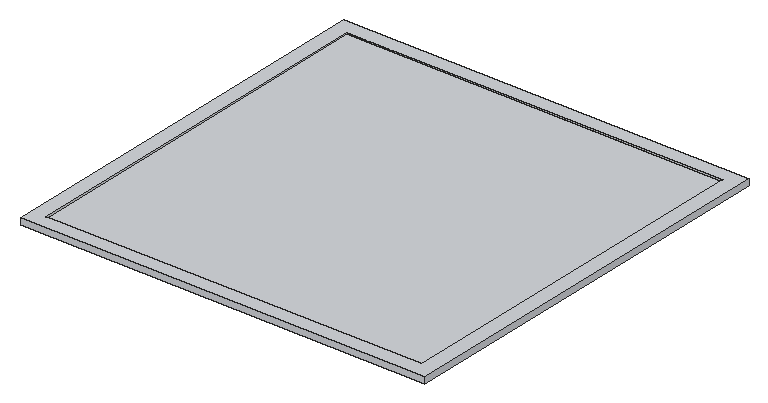
Revit family "0042214", category Lighting Fixtures, host Face, Revit 2017
Family settings
  Host = Face
  Round Connector Dimension = Use Diameter
  Part Type = Normal
  OmniClass Number = 23.80.70.00
  OmniClass Title = Lighting
  Cut with Voids When Loaded = No
  Light Source = Yes
  Shared = No
  Room Calculation Point = No
Parameters (values of type "0042214 ST PANEL UGR19 600X600 DALI 4000LM 840")
  Weight = "kg"
  Wattage Comments = ""
  Wattage = 36 W
  WarrantyStartDate [instance] = "n/a"
  WarrantyGuarantorParts = "n/a"
  WarrantyDurationUnit = "n/a"
  WarrantyDurationParts = "n/a"
  WarrantyDescription = "n/a"
  WIDTH_SYL = 297.5 mm
  built-in parameter 1150110 = 1 (stored number, unit not read)
  Voltage = 0 V
  URL = "http://www.sylvania-lighting.com"
  TypeName = "START Panel UGR19 600x600 DALI 4000Lm 840"
  Type Image = <None>
  Type Comments = "n/a"
  built-in parameter 1114217 = 1 (stored number, unit not read)
  Tilt Angle = -90.00°
  built-in parameter 1150109 = 1 (stored number, unit not read)
  built-in parameter 1150134 = 12
  TOPWIDTH_SYL = 245 mm
  built-in parameter 1150113 = 1 (stored number, unit not read)
  SerialNumber [instance] = "n/a"
  Photometric Web File = "0042214.ies"
  Material_3_SYL = none
  PowerFactor = 0.9
  PowerConsumption = "36 W"
  NominalLength = 595 mm
  NominalHeight = 35 mm
  NominalDepth = 595 mm
  Name = "START Panel UGR19 600x600 DALI 4000Lm 840"
  ModelReference = Name  # "START Panel UGR19 600x600 DALI 4000Lm 840"
  ModelNumber = "0042214"
  Model = Name  # "START Panel UGR19 600x600 DALI 4000Lm 840"
  Material = "aluminium,steel housing, other diffuser"
  ManufacturerName = "Feilo Sylvania"
  Manufacturer = "Feilo Sylvania"
  MAINHEIGHT_SYL = 63 mm
  LuminousEfficacy = "111 lm/W"
  built-in parameter 1150105 = 317.99 (stored number, unit not read)
  Lumens = 3996 lm
  LuminaireType = ""
  built-in parameter 1150115 = 1 (stored number, unit not read)
  LightOutputRatio = "n/a"
  built-in parameter 1150137 = (empty or 0)
  built-in parameter 1150139 = (empty or 0)
  LampsType = Lamp  # "LED"
  LampNominalLuminous = "4000 lm"
  LampMacAdamStep = "3"
  LampColourTemperature = "4000 K"
  LampColourRenderingIndex = "80"
  built-in parameter 1150112 = 1 (stored number, unit not read)
  built-in parameter 1150114 = 1 (stored number, unit not read)
  Lamp = "LED"
  LUMWIDTH_SYL = 276.5 mm
  LUMDEPTH_SYL = 276.5 mm
  Keynote = "16500"
  InstallationDate [instance] = "n/a"
  InputVoltage = "n/a"
  InputNominalFrequency = "n/a"
  built-in parameter 1150132 = (empty or 0)
  built-in parameter 1150102 = (empty or 0)
  built-in parameter 1150107 = 4000 (stored number, unit not read)
  built-in parameter 1150138 = (empty or 0)
  IngressProtection = "IP40/20"
  ImpactProtectionIndex = "IK03"
  built-in parameter 1150106 = 3.1799 (stored number, unit not read)
  IfcExportType = "IfcLightFixtureType"
  IfcExportAs = "IfcLightFixtureType"
  HEIGHT_SYL = 33 mm
  HEIGHTBOTT_SYL = 7 mm
  Emit from Circle Diameter = 609.6 mm
  Emit Shape Visible in Rendering = no
  ElectricShockClassification = "Class II"
  built-in parameter 1150104 = 10.312 (stored number, unit not read)
  DocumentationLiterature = "http://www.sylvania-lighting.com/product/en-int/products/0042214"
  DimmingControlOptions = "n/a"
  Material_2_SYL = none
  Dimming Lamp Color Temperature Shift = <None>
  Description = ""
  Default Elevation = 1219.2 mm
  DEPTH_SYL = 297.5 mm
  CreatedOn = "9/8/2020"
  CreatedBy = "@sylvania-lighting.com"
  Cost = 0
  Color Filter = 16777215
  built-in parameter 1114216 [instance] = (empty or 0)
  ClassificationValue = "EF_70_80"
  ClassificationName = "Uniclass2015"
  Material_1_SYL = none
  BarCode [instance] = "n/a"
  built-in parameter 1114218 = 1 (stored number, unit not read)
  BOX_WIDTH_SYL = 40 mm
  built-in parameter 1150133 = 10 (stored number, unit not read)
  AssetType = "Fixed"
  AssetIdentifier [instance] = "n/a"
  Assembly Code = "D5020200"
  Apparent Load = 36 VA
  Material_4_SYL = none
  -LUMDEPTH_SYL = LUMDEPTH_SYL * (-1)  # -276.5 mm
Types (15, lengths in mm): name | Wattage | TypeName | built-in parameter 1150134 | Photometric Web File | PowerConsumption | NominalHeight | Name | ModelReference | ModelNumber | Model | LuminousEfficacy | built-in parameter 1150105 | Lumens | LampNominalLuminous | LampMacAdamStep | LampColourTemperature | built-in parameter 1150107 | built-in parameter 1150106 | built-in parameter 1150104 | DocumentationLiterature | Apparent Load
  0042247 ST PANEL 600X600 HE DALI 4300LM 840 | 34 W | "START Panel 600x600 HE DALI 4300Lm 840" | 12 | "0042247.ies" | "34 W" | 34 | "START Panel 600x600 HE DALI 4300Lm 840" | "START Panel 600x600 HE DALI 4300Lm 840" | "0042247" | "START Panel 600x600 HE DALI 4300Lm 840" | "126 lm/W" | 340.91 (stored number, unit not read) | 4284 lm | "4300 lm" | "3" | "4000 K" | 4000 (stored number, unit not read) | 3.4091 (stored number, unit not read) | 11.706 (stored number, unit not read) | "http://www.sylvania-lighting.com/product/en-int/products/0042247" | 34 VA
  0042246 ST PANEL 600X600 HE DALI 4100LM 830 | 34 W | "START Panel 600x600 HE DALI 4100Lm 830" | (empty or 0) | "0042246.ies" | "34 W" | 34 | "START Panel 600x600 HE DALI 4100Lm 830" | "START Panel 600x600 HE DALI 4100Lm 830" | "0042246" | "START Panel 600x600 HE DALI 4100Lm 830" | "121 lm/W" | 327.38 (stored number, unit not read) | 4114 lm | "4100 lm" | "3" | "3000 K" | 3000 (stored number, unit not read) | 3.2738 (stored number, unit not read) | 11.241 (stored number, unit not read) | "http://www.sylvania-lighting.com/product/en-int/products/0042246" | 34 VA
  0042245 ST PANEL 600X600 DALI 4000LM 865 | 36 W | "START Panel 600x600 DALI 4000Lm 865" | 1 | "0042245.ies" | "36 W" | 34 | "START Panel 600x600 DALI 4000Lm 865" | "START Panel 600x600 DALI 4000Lm 865" | "0042245" | "START Panel 600x600 DALI 4000Lm 865" | "111 lm/W" | 317.99 (stored number, unit not read) | 3996 lm | "4000 lm" | "6" | "6500 K" | 6500 (stored number, unit not read) | 3.1799 (stored number, unit not read) | 10.312 (stored number, unit not read) | "http://www.sylvania-lighting.com/product/en-int/products/0042245" | 36 VA
  0042244 ST PANEL 600X600 DALI 4000LM 840 | 36 W | "START Panel 600x600 DALI 4000Lm 840" | 12 | "0042244.ies" | "36 W" | 34 | "START Panel 600x600 DALI 4000Lm 840" | "START Panel 600x600 DALI 4000Lm 840" | "0042244" | "START Panel 600x600 DALI 4000Lm 840" | "111 lm/W" | 317.99 (stored number, unit not read) | 3996 lm | "4000 lm" | "3" | "4000 K" | 4000 (stored number, unit not read) | 3.1799 (stored number, unit not read) | 10.312 (stored number, unit not read) | "http://www.sylvania-lighting.com/product/en-int/products/0042244" | 36 VA
  0042243 ST PANEL 600X600 DALI 3800LM 830 | 36 W | "START Panel 600x600 DALI 3800Lm 830" | (empty or 0) | "0042243.ies" | "36 W" | 34 | "START Panel 600x600 DALI 3800Lm 830" | "START Panel 600x600 DALI 3800Lm 830" | "0042243" | "START Panel 600x600 DALI 3800Lm 830" | "106 lm/W" | 303.67 (stored number, unit not read) | 3816 lm | "3800 lm" | "3" | "3000 K" | 3000 (stored number, unit not read) | 3.0367 (stored number, unit not read) | 9.8477 (stored number, unit not read) | "http://www.sylvania-lighting.com/product/en-int/products/0042243" | 36 VA
  0042218 ST PANEL UGR19 600X600 DALI 4800LM 865 | 43 W | "START Panel UGR19 600x600 DALI 4800Lm 865" | 1 | "0042218.ies" | "43 W" | 34 | "START Panel UGR19 600x600 DALI 4800Lm 865" | "START Panel UGR19 600x600 DALI 4800Lm 865" | "0042218" | "START Panel UGR19 600x600 DALI 4800Lm 865" | "112 lm/W" | 383.25 (stored number, unit not read) | 4816 lm | "4800 lm" | "6" | "6500 K" | 6500 (stored number, unit not read) | 3.8325 (stored number, unit not read) | 10.405 (stored number, unit not read) | "http://www.sylvania-lighting.com/product/en-int/products/0042218" | 43 VA
  0042217 ST PANEL UGR19 600X600 DALI 4800LM 840 | 43 W | "START Panel UGR19 600x600 DALI 4800Lm 840" | 12 | "0042217.ies" | "43 W" | 34 | "START Panel UGR19 600x600 DALI 4800Lm 840" | "START Panel UGR19 600x600 DALI 4800Lm 840" | "0042217" | "START Panel UGR19 600x600 DALI 4800Lm 840" | "112 lm/W" | 383.25 (stored number, unit not read) | 4816 lm | "4800 lm" | "3" | "4000 K" | 4000 (stored number, unit not read) | 3.8325 (stored number, unit not read) | 10.405 (stored number, unit not read) | "http://www.sylvania-lighting.com/product/en-int/products/0042217" | 43 VA
  0042216 ST PANEL UGR19 600X600 DALI 4600LM 830 | 43 W | "START Panel UGR19 600x600 DALI 4600Lm 830" | (empty or 0) | "0042216.ies" | "43 W" | 34 | "START Panel UGR19 600x600 DALI 4600Lm 830" | "START Panel UGR19 600x600 DALI 4600Lm 830" | "0042216" | "START Panel UGR19 600x600 DALI 4600Lm 830" | "107 lm/W" | 366.14 (stored number, unit not read) | 4601 lm | "4600 lm" | "3" | "3000 K" | 3000 (stored number, unit not read) | 3.6614 (stored number, unit not read) | 9.9406 (stored number, unit not read) | "http://www.sylvania-lighting.com/product/en-int/products/0042216" | 43 VA
  0042215 ST PANEL UGR19 600X600 DALI 4000LM 865 | 36 W | "START Panel UGR19 600x600 DALI 4000Lm 865" | 1 | "0042215.ies" | "36 W" | 35 | "START Panel UGR19 600x600 DALI 4000Lm 865" | "START Panel UGR19 600x600 DALI 4000Lm 865" | "0042215" | "START Panel UGR19 600x600 DALI 4000Lm 865" | "111 lm/W" | 317.99 (stored number, unit not read) | 3996 lm | "4000 lm" | "6" | "6500 K" | 6500 (stored number, unit not read) | 3.1799 (stored number, unit not read) | 10.312 (stored number, unit not read) | "http://www.sylvania-lighting.com/product/en-int/products/0042215" | 36 VA
  0042214 ST PANEL UGR19 600X600 DALI 4000LM 840 | 36 W | "START Panel UGR19 600x600 DALI 4000Lm 840" | 12 | "0042214.ies" | "36 W" | 35 | "START Panel UGR19 600x600 DALI 4000Lm 840" | "START Panel UGR19 600x600 DALI 4000Lm 840" | "0042214" | "START Panel UGR19 600x600 DALI 4000Lm 840" | "111 lm/W" | 317.99 (stored number, unit not read) | 3996 lm | "4000 lm" | "3" | "4000 K" | 4000 (stored number, unit not read) | 3.1799 (stored number, unit not read) | 10.312 (stored number, unit not read) | "http://www.sylvania-lighting.com/product/en-int/products/0042214" | 36 VA
  0042213 ST PANEL UGR19 600X600 DALI 3800LM 830 | 36 W | "START Panel UGR19 600x600 DALI 3800Lm 830" | (empty or 0) | "0042213.ies" | "36 W" | 35 | "START Panel UGR19 600x600 DALI 3800Lm 830" | "START Panel UGR19 600x600 DALI 3800Lm 830" | "0042213" | "START Panel UGR19 600x600 DALI 3800Lm 830" | "106 lm/W" | 303.67 (stored number, unit not read) | 3816 lm | "3800 lm" | "3" | "3000 K" | 3000 (stored number, unit not read) | 3.0367 (stored number, unit not read) | 9.8477 (stored number, unit not read) | "http://www.sylvania-lighting.com/product/en-int/products/0042213" | 36 VA
  0042212 ST PANEL UGR19 600X600 DALI 3600LM 865 | 36 W | "START Panel UGR19 600x600 DALI 3600Lm 865" | 1 | "0042212.ies" | "36 W" | 35 | "START Panel UGR19 600x600 DALI 3600Lm 865" | "START Panel UGR19 600x600 DALI 3600Lm 865" | "0042212" | "START Panel UGR19 600x600 DALI 3600Lm 865" | "100 lm/W" | 286.48 (stored number, unit not read) | 3600 lm | "3600 lm" | "6" | "6500 K" | 6500 (stored number, unit not read) | 2.8648 (stored number, unit not read) | 9.2903 (stored number, unit not read) | "http://www.sylvania-lighting.com/product/en-int/products/0042212" | 36 VA
  0042211 ST PANEL UGR19 600X600 DALI 3600LM 840 | 36 W | "START Panel UGR19 600x600 DALI 3600Lm 840" | 12 | "0042211.ies" | "36 W" | 35 | "START Panel UGR19 600x600 DALI 3600Lm 840" | "START Panel UGR19 600x600 DALI 3600Lm 840" | "0042211" | "START Panel UGR19 600x600 DALI 3600Lm 840" | "100 lm/W" | 286.48 (stored number, unit not read) | 3600 lm | "3600 lm" | "3" | "4000 K" | 4000 (stored number, unit not read) | 2.8648 (stored number, unit not read) | 9.2903 (stored number, unit not read) | "http://www.sylvania-lighting.com/product/en-int/products/0042211" | 36 VA
  0042210 ST PANEL UGR19 600X600 DALI 3400LM 830 | 36 W | "START Panel UGR19 600x600 DALI 3400Lm 830" | (empty or 0) | "0042210.ies" | "36 W" | 35 | "START Panel UGR19 600x600 DALI 3400Lm 830" | "START Panel UGR19 600x600 DALI 3400Lm 830" | "0042210" | "START Panel UGR19 600x600 DALI 3400Lm 830" | "94 lm/W" | 269.29 (stored number, unit not read) | 3384 lm | "3400 lm" | "3" | "3000 K" | 3000 (stored number, unit not read) | 2.6929 (stored number, unit not read) | 8.7329 (stored number, unit not read) | "http://www.sylvania-lighting.com/product/en-int/products/0042210" | 36 VA
  0042248 ST PANEL 600X600 HE DALI 4300LM 865 | 34 W | "START Panel 600x600 HE DALI 4300Lm 865" | 1 | "0042248.ies" | "34 W" | 34 | "START Panel 600x600 HE DALI 4300Lm 865" | "START Panel 600x600 HE DALI 4300Lm 865" | "0042248" | "START Panel 600x600 HE DALI 4300Lm 865" | "126 lm/W" | 340.91 (stored number, unit not read) | 4284 lm | "4300 lm" | "6" | "6500 K" | 6500 (stored number, unit not read) | 3.4091 (stored number, unit not read) | 11.706 (stored number, unit not read) | "http://www.sylvania-lighting.com/product/en-int/products/0042248" | 34 VA
Reference planes
  plane 1 "Center (Front/Back)": y = 0
  plane 2: z = 0
  plane 3 "Center (Left/Right)": x = 0
  plane 4: x = -297.5
  plane 5: x = 297.5
  plane 6: y = 297.5
  plane 7: y = -297.5
  plane 8: x = 276.5
  plane 9: x = -276.5
  plane 10: y = 276.5
  plane 11: y = -276.5
  plane 12: z = -33
  plane 13: z = -7
  plane 14: x = -245
  plane 15: x = 245
  plane 16: y = -245
  plane 17: y = 245
  plane 18: y = 276.5
  plane 19: y = -276.5
  plane 20: z = -63
  plane 21: x = -40
  plane 22: x = 40
Forms (mm)
  Extrusion 1, solid
    sketch origin (0, 0, 0) x (1, 0, 0) y (0, 1, 0)
      loop
        line (-297.5, 297.5) -> (-297.5, -297.5) -> (297.5, -297.5) -> (297.5, 297.5) -> (-297.5, 297.5)
    from -7 to 2
  Extrusion 2, void
    sketch origin (0, 0, 0) x (1, 0, 0) y (0, 1, 0)
      loop
        line (-276.5, 276.5) -> (-276.5, -276.5) -> (276.5, -276.5) -> (276.5, 276.5) -> (-276.5, 276.5)
    from 0 to 10
  Extrusion 3, solid
    sketch origin (0, 0, 0) x (1, 0, 0) y (0, 0, 1)
      loop
        line (-276.5, -7) -> (-245, -33) -> (245, -33) -> (276.5, -7) -> (-276.5, -7)
    from -276.5 <- "-LUMDEPTH_SYL" to 276.5 <- "LUMDEPTH_SYL"
  Extrusion 4, void
    sketch origin (319, 1524, 1219.2) x (0, 1, 0) y (0, 0, 1)
      loop
        line (-1279, -1252.2) -> (-1247.5, -1252.2) -> (-1247.5, -1226.2) -> (-1279, -1252.2)
      loop
        line (-1800.5, -1226.2) -> (-1800.5, -1252.2) -> (-1769, -1252.2) -> (-1800.5, -1226.2)
    from -1000 to 1000
  Extrusion 5, solid
    sketch origin (0, 0, 0) x (1, 0, 0) y (0, 0, 1)
      loop
        line (-40, -33) -> (-40, -63) -> (40, -63) -> (40, -33) -> (-40, -33)
    from -40 to 40
Cuts and joins
  Extrusion 2 cuts Extrusion 1
  Extrusion 4 cuts Extrusion 3
Dimensions and locks
  "WIDTH_SYL": plane 4 to plane 3 "Center (Left/Right)" to plane 5
  "DEPTH_SYL": plane 7 to plane 1 "Center (Front/Back)" to plane 6
  "LUMWIDTH_SYL": plane 9 to plane 3 "Center (Left/Right)" to plane 8
  "LUMDEPTH_SYL": plane 11 to plane 1 "Center (Front/Back)" to plane 10
  "HEIGHT_SYL": host face to plane 12
  "HEIGHTBOTT_SYL": host face to plane 13
  "TOPWIDTH_SYL": plane 14 to imposter light to plane 15
  "TOPWIDTH_SYL": plane 17 to imposter light to plane 16
  "LUMWIDTH_SYL": plane 18 to imposter light to plane 19
  "MAINHEIGHT_SYL": host face to plane 20
  "BOX_WIDTH_SYL": plane 21 to imposter light to plane 22
  Extrusion 5 sketch curve to Extrusion 5 sketch curve to plane 13 = 30 mm, 26 mm
  aligned and locked: plane 2 to host face
  aligned and locked: level to host face
  aligned and locked: plane 6 to Extrusion 1 sketch curve
  aligned and locked: plane 4 to Extrusion 1 sketch curve
  aligned and locked: Extrusion 1 sketch curve to plane 7
  aligned and locked: Extrusion 1 sketch curve to plane 5
  aligned and locked: plane 10 to Extrusion 2 sketch curve
  aligned and locked: Extrusion 2 sketch curve to plane 9
  aligned and locked: Extrusion 2 sketch curve to plane 11
  aligned and locked: plane 8 to Extrusion 2 sketch curve
  aligned and locked: Extrusion 5 sketch curve to plane 21
  aligned and locked: plane 22 to Extrusion 5 sketch curve
Automatic sketch dimensions
  host sketch curve to host sketch curve = 2438.4 mm  (x2)
  plane 9 to Extrusion 3 sketch curve = 0 mm
  Extrusion 3 sketch curve to plane 12 = 0 mm
  plane 14 to Extrusion 3 sketch curve = 0 mm
  plane 15 to Extrusion 3 sketch curve = 0 mm
  plane 8 to Extrusion 3 sketch curve = 0 mm
  Extrusion 3 sketch curve to plane 13 = 0 mm
  Extrusion 4 sketch curve to plane 11 = 0 mm
  plane 12 to Extrusion 4 sketch curve = 0 mm  (x2)
  Extrusion 4 sketch curve to plane 16 = 0 mm
  Extrusion 4 sketch curve to plane 17 = 0 mm
  Extrusion 4 sketch curve to plane 10 = 0 mm
  plane 13 to Extrusion 4 sketch curve = 0 mm  (x2)
